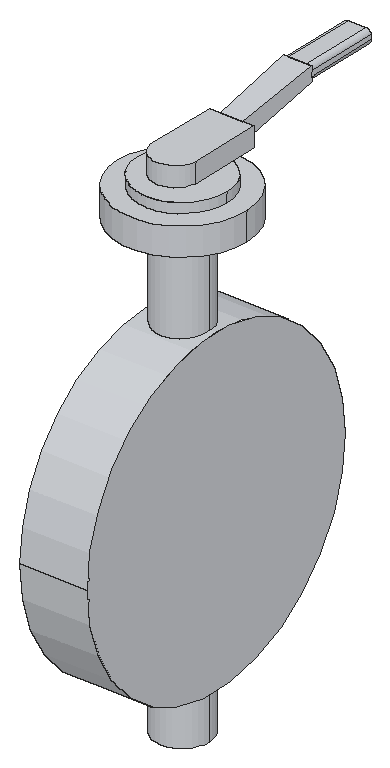
Revit family "HS497-68_disk-nerez_s pákou DN250-RFA_2019", category Pipe Accessories, Revit 2019
Family settings
  Round Connector Dimension = Use Diameter
  Part Type = Valve - Breaks Into
  Work Plane-Based = No
  Always vertical = Yes
  Cut with Voids When Loaded = No
  Shared = No
Parameters (values of type "HS 497-68_DN250_PN16_s pákou")
  magiProductId = ""
  magiProductFamilyId = "53cea81e6f374d17b8841d9c72ad77"
  magiPartTypeId = 305
  isMeasuringValve [instance] = no
  ang2D [instance] = 0.00°
  X11 = 88.77 mm
  X1 = 36.77 mm
  W2D = 1000 mm
  VersionID = "2.0/2017.9.26.1/ZETKAMA_497_001"
  Use Minimum Symbol Size [instance] = yes
  URL = "http://www.hydronic.cz"
  Type Comments = "mezipřírubová; nerezový disk; PN16; -10~+110°C (krátkodobě +120°C)"
  SW30 = no
  SW3 = no
  SW21 = no
  SW20 = yes
  SW2 = yes
  SW1 = no
  R = 125 mm
  QmdConnectorList = "301;D;302;D"
  Productdata [instance] = ""
  NC = 70 mm
  Manufacturer = "Hydronic Systems Prague s.r.o."
  MM20 = 36.77 mm
  MC Product Code = "121 250 (nerezový disk, s ákou; DN250; PN16, kvs4555)"
  M41 = 91.5 mm
  M4 = 61 mm
  LHL = 220 mm
  LHH3 = 2.45 mm
  LHH1 = 46.55 mm
  LH1 = 73.333 mm
  L4R__ve = -L4R  # -22.2 mm
  L4R = 22.2 mm
  L42__ve = -L42  # -166.5 mm
  L42 = 166.5 mm
  L41__ve = -L41  # -33.3 mm
  L41 = 33.3 mm
  L2D_Min = 3048 mm
  L2D = 216 mm
  L2 = 34 mm
  L1 = 54.4 mm
  L = 68 mm
  H = 23 mm
  G22 = 11.25 mm
  G2 = 22.5 mm
  G1 = 90 mm
  G = 130 mm
  F = 22 mm
  E44 = 62.5 mm
  E42 = 125 mm
  E4 = 250 mm
  E23 = 4.9 mm
  E22 = 19.6 mm
  E21 = 9.8 mm
  Description = "Mezipřírubová uzavírací klapka s pákou; nerezový disk, DN250; PN16; kvs4555"
  DR2 = 125 mm
  DR = 324 mm
  DD1 = 31.25 mm
  DD = 25 mm
  D = 250 mm
  CAT0 = yes
  B2__ve = -B2  # -85 mm
  B2 = 85 mm
  A2 = 28.25 mm
  A1 = 129.25 mm
Types (43, lengths in mm): name | magiProductId | X11 | X1 | Type Comments | SW30 | SW3 | SW20 | SW2 | SW1 | R | NC | Manufacturer | MM20 | MC Product Code | M41 | M4 | LHL | LHH3 | LHH1 | LH1 | L4R__ve | L4R | L42__ve | L42 | L41__ve | L41 | L2 | L1 | L | H | G | F | E44 | E42 | E4 | E23 | E22 | E21 | Description | DR2 | DR | DD1 | DD | D | B2__ve | B2 | A2 | A1
  HS 497-68_DN100_PN16_volné vřeteno | "65d1b245f4f142c78569c0602d5754" | 61.456 | 25.456 | "mezipřírubová; nerezový disk; PN16; -10~+110°C (krátkodobě +120°C)" | no | no | no | no | yes | 50 | 50 | "Hydronic Systems Prague s.r.o." | 25.456 | "124 100 (nerezový disk, s volným vřetenem; DN100; PN16, kvs512)" | 66 | 44 | 220 | 2.45 | 46.55 | 73.333 | -12.8 | 12.8 | -96 | 96 | -19.2 | 19.2 | 26 | 41.6 | 52 | 30 | 90 | 11 | 31.25 | 62.5 | 125 | 4.9 | 19.6 | 9.8 | "Mezipřírubová uzavírací klapka s volným vřetenem; nerezový disk, DN100; PN16; kvs512" | 50 | 147 | 15.625 | 12.5 | 100 | -56 | 56 | 16.5 | 98.5
  HS 497-68_DN100_PN16_převodové kolo | "11e91b807e674d428c8e796fcdcfe2" | 61.456 | 25.456 | "mezipřírubová; nerezový disk; PN16; -10~+110°C (krátkodobě +120°C)" | yes | yes | no | no | no | 50 | 50 | "Hydronic Systems Prague s.r.o." | 25.456 | "126 100 (nerezový disk, s převodovým kolem; DN100; PN16, kvs512)" | 65.25 | 43.5 | 220 | 2.45 | 46.55 | 73.333 | -12.8 | 12.8 | -96 | 96 | -19.2 | 19.2 | 26 | 41.6 | 52 | 30 | 90 | 11 | 31.25 | 62.5 | 125 | 4.9 | 19.6 | 9.8 | "Mezipřírubová uzavírací klapka s převodovým kolem; nerezový disk, DN100; PN16; kvs512" | 50 | 147 | 15.625 | 12.5 | 100 | -56 | 56 | 16.5 | 98.5
  HS 497-68_DN100_PN16_s pákou | "28172f0b3f4b47b28323ac71cf8749" | 61.456 | 25.456 | "mezipřírubová; nerezový disk; PN16; -10~+110°C (krátkodobě +120°C)" | no | no | yes | yes | no | 50 | 50 | "Hydronic Systems Prague s.r.o." | 25.456 | "121 100 (nerezový disk, s pákou; DN100; PN16, kvs512)" | 66 | 44 | 260 | 3 | 57 | 86.667 | -12.8 | 12.8 | -96 | 96 | -19.2 | 19.2 | 26 | 41.6 | 52 | 30 | 90 | 11 | 31.25 | 62.5 | 125 | 6 | 24 | 12 | "Mezipřírubová uzavírací klapka s pákou; nerezový disk, DN100; PN16; kvs512" | 50 | 147 | 15.625 | 12.5 | 100 | -56 | 56 | 16.5 | 98.5
  HS 497-68_DN125_PN16_volné vřeteno | "0d813d910fc14f628bb3c2efbd185c" | 61.456 | 25.456 | "mezipřírubová; nerezový disk; PN16; -10~+110°C (krátkodobě +120°C)" | no | no | no | no | yes | 62.5 | 50 | "Hydronic Systems Prague s.r.o." | 25.456 | "124 125 (nerezový disk, s volným vřetenem; DN125; PN16, kvs872)" | 66 | 44 | 220 | 2.45 | 46.55 | 73.333 | -12.8 | 12.8 | -96 | 96 | -19.2 | 19.2 | 28 | 44.8 | 56 | 33 | 90 | 14 | 31.25 | 62.5 | 125 | 4.9 | 19.6 | 9.8 | "Mezipřírubová uzavírací klapka s volným vřetenem; nerezový disk, DN125; PN16; kvs872" | 62.5 | 180 | 15.625 | 12.5 | 125 | -64 | 64 | 18 | 99.5
  HS 497-68_DN125_PN16_převodové kolo | "c56b7c13f372467684996fb1e0e229" | 61.456 | 25.456 | "mezipřírubová; nerezový disk; PN16; -10~+110°C (krátkodobě +120°C)" | yes | yes | no | no | no | 62.5 | 50 | "Hydronic Systems Prague s.r.o." | 25.456 | "126125 (nerezový disk, s převodovým kolem; DN125; PN16, kvs872)" | 65.25 | 43.5 | 220 | 2.45 | 46.55 | 73.333 | -13.5 | 13.5 | -101.25 | 101.25 | -20.25 | 20.25 | 28 | 44.8 | 56 | 33 | 90 | 14 | 40 | 80 | 160 | 4.9 | 19.6 | 9.8 | "Mezipřírubová uzavírací klapka s převodovým kolem; nerezový disk, DN125; PN16; kvs872" | 62.5 | 180 | 20 | 16 | 125 | -64 | 64 | 18 | 99.5
  HS 497-68_DN125_PN16_s pákou | "105993c79a91492399feef7931321a" | 61.456 | 25.456 | "mezipřírubová; nerezový disk; PN16; -10~+110°C (krátkodobě +120°C)" | no | no | yes | yes | no | 62.5 | 50 | "Hydronic Systems Prague s.r.o." | 25.456 | "121 125 (nerezový disk, s pákou; DN125; PN16, kvs872)" | 66 | 44 | 315 | 3.75 | 71.25 | 105 | -12.8 | 12.8 | -96 | 96 | -19.2 | 19.2 | 28 | 44.8 | 56 | 33 | 90 | 14 | 31.25 | 62.5 | 125 | 7.5 | 30 | 15 | "Mezipřírubová uzavírací klapka s pákou; nerezový disk, DN125; PN16; kvs872" | 62.5 | 180 | 15.625 | 12.5 | 125 | -64 | 64 | 18 | 99.5
  HS 497-68_DN150_PN16_volné vřeteno | "50c80cb8ab434f55ab7796e5ac1331" | 61.456 | 25.456 | "mezipřírubová; nerezový disk; PN16; -10~+110°C (krátkodobě +120°C)" | no | no | no | no | yes | 75 | 50 | "Hydronic Systems Prague s.r.o." | 25.456 | "124 150 (nerezový disk, s volným vřetenem; DN150; PN16, kvs1347)" | 66 | 44 | 220 | 2.45 | 46.55 | 73.333 | -12.8 | 12.8 | -96 | 96 | -19.2 | 19.2 | 28 | 44.8 | 56 | 33 | 90 | 14 | 31.25 | 62.5 | 125 | 4.9 | 19.6 | 9.8 | "Mezipřírubová uzavírací klapka s volným vřetenem; nerezový disk, DN150; PN16; kvs1347" | 75 | 206 | 15.625 | 12.5 | 150 | -58 | 58 | 19.3 | 98.7
  HS 497-68_DN150_PN16_převodové kolo | "d94a1a0cf83b476eb10011b327f709" | 61.456 | 25.456 | "mezipřírubová; nerezový disk; PN16; -10~+110°C (krátkodobě +120°C)" | yes | yes | no | no | no | 75 | 50 | "Hydronic Systems Prague s.r.o." | 25.456 | "126 150 (nerezový disk, s převodovým kolem; DN150; PN16, kvs1347)" | 65.25 | 43.5 | 220 | 2.45 | 46.55 | 73.333 | -13.5 | 13.5 | -101.25 | 101.25 | -20.25 | 20.25 | 28 | 44.8 | 56 | 33 | 90 | 14 | 40 | 80 | 160 | 4.9 | 19.6 | 9.8 | "Mezipřírubová uzavírací klapka s převodovým kolem; nerezový disk, DN150; PN16; kvs1347" | 75 | 206 | 20 | 16 | 150 | -58 | 58 | 19.3 | 98.7
  HS 497-68_DN150_PN16_s pákou | "4d2835523fe84828bc50ff0a5a0dfb" | 61.456 | 25.456 | "mezipřírubová; nerezový disk; PN16; -10~+110°C (krátkodobě +120°C)" | no | no | yes | yes | no | 75 | 50 | "Hydronic Systems Prague s.r.o." | 25.456 | "121 150 (nerezový disk, s pákou; DN150; PN16, kvs1347)" | 66 | 44 | 315 | 3.75 | 71.25 | 105 | -12.8 | 12.8 | -96 | 96 | -19.2 | 19.2 | 28 | 44.8 | 56 | 33 | 90 | 14 | 31.25 | 62.5 | 125 | 7.5 | 30 | 15 | "Mezipřírubová uzavírací klapka s pákou; nerezový disk, DN150; PN16; kvs1347" | 75 | 206 | 15.625 | 12.5 | 150 | -58 | 58 | 19.3 | 98.7
  HS 497-68_DN200_PN16_volné vřeteno | "5b29029eaeba47139ee1055a4b9201" | 61.456 | 25.456 | "mezipřírubová; nerezový disk; PN16; -10~+110°C (krátkodobě +120°C)" | no | no | no | no | yes | 100 | 50 | "Hydronic Systems Prague s.r.o." | 25.456 | "124 200 (nerezový disk, s volným vřetenem; DN200; PN16, kvs2675)" | 66 | 44 | 220 | 2.45 | 46.55 | 73.333 | -12.8 | 12.8 | -96 | 96 | -19.2 | 19.2 | 30 | 48 | 60 | 33 | 90 | 17 | 31.25 | 62.5 | 125 | 4.9 | 19.6 | 9.8 | "Mezipřírubová uzavírací klapka s volným vřetenem; nerezový disk, DN200; PN16; kvs2675" | 100 | 257 | 15.625 | 12.5 | 200 | -70 | 70 | 22.5 | 102.5
  HS 497-68_DN200_PN16_převodové kolo | "b2793cc1fcc44cf2a35062cd67c04f" | 61.456 | 25.456 | "mezipřírubová; nerezový disk; PN16; -10~+110°C (krátkodobě +120°C)" | yes | yes | no | no | no | 100 | 57 | "Hydronic Systems Prague s.r.o." | 25.456 | "126 200 (nerezový disk, s převodovým kolem; DN200; PN16, kvs2675)" | 78.75 | 52.5 | 220 | 2.45 | 46.55 | 73.333 | -15.2 | 15.2 | -114 | 114 | -22.8 | 22.8 | 30 | 48 | 60 | 33 | 90 | 17 | 50 | 100 | 200 | 4.9 | 19.6 | 9.8 | "Mezipřírubová uzavírací klapka s převodovým kolem; nerezový disk, DN200; PN16; kvs2675" | 100 | 257 | 25 | 20 | 200 | -70 | 70 | 22.5 | 102.5
  HS 497-68_DN200_PN16_s pákou | "f88d96c7af224537a51e72d7d8fffe" | 61.456 | 25.456 | "mezipřírubová; nerezový disk; PN16; -10~+110°C (krátkodobě +120°C)" | no | no | yes | yes | no | 100 | 50 | "Hydronic Systems Prague s.r.o." | 25.456 | "121 200 (nerezový disk, s pákou; DN200; PN16, kvs2675)" | 66 | 44 | 315 | 3.75 | 71.25 | 105 | -12.8 | 12.8 | -96 | 96 | -19.2 | 19.2 | 30 | 48 | 60 | 33 | 90 | 17 | 31.25 | 62.5 | 125 | 7.5 | 30 | 15 | "Mezipřírubová uzavírací klapka s pákou; nerezový disk, DN200; PN16; kvs2675" | 100 | 257 | 15.625 | 12.5 | 200 | -70 | 70 | 22.5 | 102.5
  HS 497-68_DN250_PN16_volné vřeteno | "b662e8305ca2402b9c510e66e6aa55" | 88.77 | 36.77 | "mezipřírubová; nerezový disk; PN16; -10~+110°C (krátkodobě +120°C)" | no | no | no | no | yes | 125 | 50 | "Hydronic Systems Prague s.r.o." | 36.77 | "124 250 (nerezový disk, s volným vřetenem; DN250; PN16, kvs4555)" | 66 | 44 | 220 | 2.45 | 46.55 | 73.333 | -12.8 | 12.8 | -96 | 96 | -19.2 | 19.2 | 34 | 54.4 | 68 | 23 | 130 | 22 | 31.25 | 62.5 | 125 | 4.9 | 19.6 | 9.8 | "Mezipřírubová uzavírací klapka s volným vřetenem; nerezový disk, DN250; PN16; kvs4555" | 125 | 324 | 15.625 | 12.5 | 250 | -85 | 85 | 28.25 | 129.25
  HS 497-68_DN250_PN16_převodové kolo | "5ee9016806664ddfaa2632711f295c" | 88.77 | 36.77 | "mezipřírubová; nerezový disk; PN16; -10~+110°C (krátkodobě +120°C)" | yes | yes | no | no | no | 125 | 70 | "Hydronic Systems Prague s.r.o." | 36.77 | "126 250 (nerezový disk, s převodovým kolem; DN250; PN16, kvs4555)" | 91.5 | 61 | 220 | 2.45 | 46.55 | 73.333 | -22.2 | 22.2 | -166.5 | 166.5 | -33.3 | 33.3 | 34 | 54.4 | 68 | 23 | 130 | 22 | 62.5 | 125 | 250 | 4.9 | 19.6 | 9.8 | "Mezipřírubová uzavírací klapka s převodovým kolem; nerezový disk, DN250; PN16; kvs4555" | 125 | 324 | 31.25 | 25 | 250 | -85 | 85 | 28.25 | 129.25
  HS 497-68_DN300_PN16_volné vřeteno | "e1886f51ff004380a649519258edf2" | 88.77 | 36.77 | "mezipřírubová; nerezový disk; PN16; -10~+110°C (krátkodobě +120°C)" | no | no | no | no | yes | 150 | 50 | "Hydronic Systems Prague s.r.o." | 36.77 | "124 300 (nerezový disk, s volným vřetenem; DN300; PN16, kvs7037)" | 66 | 44 | 220 | 2.45 | 46.55 | 73.333 | -12.8 | 12.8 | -96 | 96 | -19.2 | 19.2 | 39 | 62.4 | 78 | 23 | 130 | 22 | 31.25 | 62.5 | 125 | 4.9 | 19.6 | 9.8 | "Mezipřírubová uzavírací klapka s volným vřetenem; nerezový disk, DN300; PN16; kvs7037" | 150 | 376 | 15.625 | 12.5 | 300 | -90 | 90 | 30.8 | 127.2
  HS 497-68_DN300_PN16_převodové kolo | "6860f094f77d42088fbebc3c97f755" | 88.77 | 36.77 | "mezipřírubová; nerezový disk; PN16; -10~+110°C (krátkodobě +120°C)" | yes | yes | no | no | no | 150 | 70 | "Hydronic Systems Prague s.r.o." | 36.77 | "126 300 (nerezový disk, s převodovým kolem; DN300; PN16, kvs7037)" | 91.5 | 61 | 220 | 2.45 | 46.55 | 73.333 | -22.2 | 22.2 | -166.5 | 166.5 | -33.3 | 33.3 | 39 | 62.4 | 78 | 23 | 130 | 22 | 62.5 | 125 | 250 | 4.9 | 19.6 | 9.8 | "Mezipřírubová uzavírací klapka s převodovým kolem; nerezový disk, DN300; PN16; kvs7037" | 150 | 376 | 31.25 | 25 | 300 | -90 | 90 | 30.8 | 127.2
  HS 497-68_DN032_PN16_volné vřeteno | "8c5f65de52aa4067a77564107e31b2" | 61.456 | 25.456 | "mezipřírubová; nerezový disk; PN16; -10~+110°C (krátkodobě +120°C)" | no | no | no | no | yes | 16 | 50 | "Hydronic Systems Prague s.r.o." | 25.456 | "124 032 (nerezový disk, s volným vřetenem; DN32; PN16, kvs78)" | 66 | 44 | 220 | 2.45 | 46.55 | 73.333 | -12.8 | 12.8 | -96 | 96 | -19.2 | 19.2 | 16.5 | 26.4 | 33 | 30 | 90 | 11 | 31.25 | 62.5 | 125 | 4.9 | 19.6 | 9.8 | "Mezipřírubová uzavírací klapka s volným vřetenem; nerezový disk, DN32; PN16; kvs78" | 16 | 68 | 15.625 | 12.5 | 32 | -44.2 | 44.2 | 10.25 | 76.25
  HS 497-68_DN032_PN16_převodové kolo | "60aaeffa8b3a4e809ef000e4660060" | 61.456 | 25.456 | "mezipřírubová; nerezový disk; PN16; -10~+110°C (krátkodobě +120°C)" | yes | yes | no | no | no | 16 | 50 | "Hydronic Systems Prague s.r.o." | 25.456 | "126 032 (nerezový disk, s převodovým kolem; DN32; PN16, kvs78)" | 65.25 | 43.5 | 220 | 2.45 | 46.55 | 73.333 | -12.8 | 12.8 | -96 | 96 | -19.2 | 19.2 | 16.5 | 26.4 | 33 | 30 | 90 | 11 | 31.25 | 62.5 | 125 | 4.9 | 19.6 | 9.8 | "Mezipřírubová uzavírací klapka s převodovým kolem; nerezový disk, DN32; PN16; kvs78" | 16 | 68 | 15.625 | 12.5 | 32 | -44.2 | 44.2 | 10.25 | 76.25
  HS 497-68_DN032_PN16_s pákou | "9ad8088d610749a1b871aa2aad8007" | 61.456 | 25.456 | "mezipřírubová; nerezový disk; PN16; -10~+110°C (krátkodobě +120°C)" | no | no | yes | yes | no | 16 | 50 | "Hydronic Systems Prague s.r.o." | 25.456 | "121 032 (nerezový disk, s pákou; DN32; PN16, kvs78)" | 66 | 44 | 220 | 2.45 | 46.55 | 73.333 | -12.8 | 12.8 | -96 | 96 | -19.2 | 19.2 | 16.5 | 26.4 | 33 | 30 | 90 | 11 | 31.25 | 62.5 | 125 | 4.9 | 19.6 | 9.8 | "Mezipřírubová uzavírací klapka s pákou; nerezový disk, DN32; PN16; kvs78" | 16 | 68 | 15.625 | 12.5 | 32 | -44.2 | 44.2 | 10.25 | 76.25
  HS 497-68_DN350_PN10_volné vřeteno | "72a1e05f22944421b7e9596a877137" | 109.255 | 45.255 | "mezipřírubová; nerezový disk; PN10; -10~+110°C (krátkodobě +120°C)" | no | no | no | no | yes | 175 | 50 | "Hydronic Systems Prague s.r.o." | 45.255 | "124 350 (nerezový disk, s volným vřetenem; DN350; PN10, kvs10165)" | 66 | 44 | 220 | 2.45 | 46.55 | 73.333 | -12.8 | 12.8 | -96 | 96 | -19.2 | 19.2 | 39 | 62.4 | 78 | 31 | 160 | 22 | 31.25 | 62.5 | 125 | 4.9 | 19.6 | 9.8 | "Mezipřírubová uzavírací klapka s volným vřetenem; nerezový disk, DN350; PN10; kvs10165" | 175 | 430 | 15.625 | 12.5 | 350 | -88 | 88 | 33.85 | 129.65
  HS 497-68_DN350_PN10_převodové kolo | "a5a01426cb28494ba3afca92f1dace" | 109.255 | 45.255 | "mezipřírubová; nerezový disk; PN10; -10~+110°C (krátkodobě +120°C)" | yes | yes | no | no | no | 175 | 70 | "Hydronic Systems Prague s.r.o." | 45.255 | "126 350 (nerezový disk, s převodovým kolem; DN350; PN10, kvs10165)" | 91.5 | 61 | 220 | 2.45 | 46.55 | 73.333 | -22.2 | 22.2 | -166.5 | 166.5 | -33.3 | 33.3 | 39 | 62.4 | 78 | 31 | 160 | 22 | 62.5 | 125 | 250 | 4.9 | 19.6 | 9.8 | "Mezipřírubová uzavírací klapka s převodovým kolem; nerezový disk, DN350; PN10; kvs10165" | 175 | 430 | 31.25 | 25 | 350 | -88 | 88 | 33.85 | 129.65
  HS 497-68_DN400_PN10_volné vřeteno | "c70ebeb927c04ab99b176e257ad0a7" | 109.255 | 45.255 | "mezipřírubová; nerezový disk; PN10; -10~+110°C (krátkodobě +120°C)" | no | no | no | no | yes | 200 | 50 | "Hydronic Systems Prague s.r.o." | 45.255 | "124 400 (nerezový disk, s volným vřetenem; DN400; PN10, kvs13799)" | 66 | 44 | 220 | 2.45 | 46.55 | 73.333 | -12.8 | 12.8 | -96 | 96 | -19.2 | 19.2 | 51 | 81.6 | 102 | 31 | 160 | 27 | 31.25 | 62.5 | 125 | 4.9 | 19.6 | 9.8 | "Mezipřírubová uzavírací klapka s volným vřetenem; nerezový disk, DN400; PN10; kvs13799" | 200 | 485 | 15.625 | 12.5 | 400 | -108 | 108 | 38 | 142
  HS 497-68_DN400_PN10_převodové kolo | "cc64a4384dcb41b780d81810f4f293" | 109.255 | 45.255 | "mezipřírubová; nerezový disk; PN10; -10~+110°C (krátkodobě +120°C)" | yes | yes | no | no | no | 200 | 72.5 | "Hydronic Systems Prague s.r.o." | 45.255 | "126 400 (nerezový disk, s převodovým kolem; DN400; PN10, kvs13799)" | 103.5 | 69 | 220 | 2.45 | 46.55 | 73.333 | -27.8 | 27.8 | -208.5 | 208.5 | -41.7 | 41.7 | 51 | 81.6 | 102 | 31 | 160 | 27 | 75 | 150 | 300 | 4.9 | 19.6 | 9.8 | "Mezipřírubová uzavírací klapka s převodovým kolem; nerezový disk, DN400; PN10; kvs13799" | 200 | 485 | 37.5 | 30 | 400 | -108 | 108 | 38 | 142
  HS 497-68_DN040_PN16_volné vřeteno | "35f92312390745e88df5b5c325d9ee" | 61.456 | 25.456 | "mezipřírubová; nerezový disk; PN16; -10~+110°C (krátkodobě +120°C)" | no | no | no | no | yes | 20 | 50 | "Hydronic Systems Prague s.r.o." | 25.456 | "124 040 (nerezový disk, s volným vřetenem; DN40; PN16, kvs78)" | 66 | 44 | 220 | 2.45 | 46.55 | 73.333 | -12.8 | 12.8 | -96 | 96 | -19.2 | 19.2 | 16.5 | 26.4 | 33 | 30 | 90 | 11 | 31.25 | 62.5 | 125 | 4.9 | 19.6 | 9.8 | "Mezipřírubová uzavírací klapka s volným vřetenem; nerezový disk, DN40; PN16; kvs78" | 20 | 76 | 15.625 | 12.5 | 40 | -36 | 36 | 11 | 79
  HS 497-68_DN040_PN16_převodové kolo | "d88e968eae3445bc9b7b4e6ff35127" | 61.456 | 25.456 | "mezipřírubová; nerezový disk; PN16; -10~+110°C (krátkodobě +120°C)" | yes | yes | no | no | no | 20 | 50 | "Hydronic Systems Prague s.r.o." | 25.456 | "126 040 (nerezový disk, s převodovým kolem; DN40; PN16, kvs78)" | 65.25 | 43.5 | 220 | 2.45 | 46.55 | 73.333 | -12.8 | 12.8 | -96 | 96 | -19.2 | 19.2 | 16.5 | 26.4 | 33 | 30 | 90 | 11 | 31.25 | 62.5 | 125 | 4.9 | 19.6 | 9.8 | "Mezipřírubová uzavírací klapka s převodovým kolem; nerezový disk, DN40; PN16; kvs78" | 20 | 76 | 15.625 | 12.5 | 40 | -36 | 36 | 11 | 79
  HS 497-68_DN040_PN16_s pákou | "c1b522ca65b4407a98818f232eaacb" | 61.456 | 25.456 | "mezipřírubová; nerezový disk; PN16; -10~+110°C (krátkodobě +120°C)" | no | no | yes | yes | no | 20 | 50 | "Hydronic Systems Prague s.r.o." | 25.456 | "121 040 (nerezový disk, s pákou; DN40; PN16, kvs78)" | 66 | 44 | 220 | 2.45 | 46.55 | 73.333 | -12.8 | 12.8 | -96 | 96 | -19.2 | 19.2 | 16.5 | 26.4 | 33 | 30 | 90 | 11 | 31.25 | 62.5 | 125 | 4.9 | 19.6 | 9.8 | "Mezipřírubová uzavírací klapka s pákou; nerezový disk, DN40; PN16; kvs78" | 20 | 76 | 15.625 | 12.5 | 40 | -36 | 36 | 11 | 79
  HS 497-68_DN450_PN10_volné vřeteno | "a8358bc282f14872b3194e530e590a" | 129.74 | 53.74 | "mezipřírubová; nerezový disk; PN10; -10~+110°C (krátkodobě +120°C)" | no | no | no | no | yes | 225 | 50 | "Hydronic Systems Prague s.r.o." | 53.74 | "124 450 (nerezový disk, s volným vřetenem; DN450; PN10, kvs18514)" | 66 | 44 | 220 | 2.45 | 46.55 | 73.333 | -12.8 | 12.8 | -96 | 96 | -19.2 | 19.2 | 57 | 91.2 | 114 | 38 | 190 | 36 | 31.25 | 62.5 | 125 | 4.9 | 19.6 | 9.8 | "Mezipřírubová uzavírací klapka s volným vřetenem; nerezový, DN450; PN10; kvs18514" | 225 | 536 | 15.625 | 12.5 | 450 | -115 | 115 | 38.05 | 117.45
  HS 497-68_DN450_PN10_převodové kolo | "cdf2d80f54a9414f9cbe50647c0ebd" | 129.74 | 53.74 | "mezipřírubová; nerezový disk; PN10; -10~+110°C (krátkodobě +120°C)" | yes | yes | no | no | no | 225 | 91.5 | "Zetkama" | 53.74 | "126 450 (nerezový disk, s převodovým kolem; DN450; PN10, kvs18514)" | 144.75 | 96.5 | 220 | 2.45 | 46.55 | 73.333 | -32.1 | 32.1 | -240.75 | 240.75 | -48.15 | 48.15 | 57 | 91.2 | 114 | 38 | 190 | 36 | 100 | 200 | 400 | 4.9 | 19.6 | 9.8 | "Mezipřírubová uzavírací klapka s převodovým kolem; nerezový disk, DN450; PN10; kvs18514" | 225 | 536 | 50 | 40 | 450 | -115 | 115 | 38.05 | 117.45
  HS 497-68_DN500_PN10_volné vřeteno | "8c396e27bb2743f98f3c762b6517cd" | 143.397 | 59.397 | "mezipřírubová; nerezový disk; PN10; -10~+110°C (krátkodobě +120°C)" | no | no | no | no | yes | 250 | 50 | "Hydronic Systems Prague s.r.o." | 59.397 | "124 500 (nerezový disk, s volným vřetenem; DN500; PN10, kvs23805)" | 66 | 44 | 220 | 2.45 | 46.55 | 73.333 | -12.8 | 12.8 | -96 | 96 | -19.2 | 19.2 | 63.5 | 101.6 | 127 | 38 | 210 | 36 | 31.25 | 62.5 | 125 | 4.9 | 19.6 | 9.8 | "Mezipřírubová uzavírací klapka s volným vřetenem; nerezový disk, DN500; PN10; kvs23805" | 250 | 593 | 15.625 | 12.5 | 500 | -130 | 130 | 43.25 | 139.25
  HS 497-68_DN500_PN10_převodové kolo | "7647804f32e94cef828a7034a91a46" | 143.397 | 59.397 | "mezipřírubová; nerezový disk; PN10; -10~+110°C (krátkodobě +120°C)" | yes | yes | no | no | no | 250 | 91.5 | "Zetkama" | 59.397 | "126 500 (nerezový disk, s převodovým kolem; DN500; PN10, kvs23805)" | 144.75 | 96.5 | 220 | 2.45 | 46.55 | 73.333 | -32.1 | 32.1 | -240.75 | 240.75 | -48.15 | 48.15 | 63.5 | 101.6 | 127 | 38 | 210 | 36 | 100 | 200 | 400 | 4.9 | 19.6 | 9.8 | "Mezipřírubová uzavírací klapka s převodovým kolem; nerezový disk, DN500; PN10; kvs23805" | 250 | 593 | 50 | 40 | 500 | -130 | 130 | 43.25 | 139.25
  HS 497-68_DN050_volné vřeteno | "d71f296ecd6d4adf8f6e5d9853b4e0" | 61.456 | 25.456 | "mezipřírubová; nerezový disk; PN16; -10~+110°C (krátkodobě +120°C)" | no | no | no | no | yes | 25 | 50 | "Hydronic Systems Prague s.r.o." | 25.456 | "124 050 (nerezový disk, s volným vřetenem; DN50; PN16, kvs98)" | 66 | 44 | 220 | 2.45 | 46.55 | 73.333 | -12.8 | 12.8 | -96 | 96 | -19.2 | 19.2 | 21.5 | 34.4 | 43 | 30 | 90 | 11 | 31.25 | 62.5 | 125 | 4.9 | 19.6 | 9.8 | "Mezipřírubová uzavírací klapka s volným vřetenem; nerezový disk, DN50; PN16; kvs98" | 25 | 100 | 15.625 | 12.5 | 50 | -36.5 | 36.5 | 12 | 83
  HS 497-68_DN050_PN16_převodové kolo | "2fb080deeaed49c58418b94c1da5a4" | 61.456 | 25.456 | "mezipřírubová; nerezový disk; PN16; -10~+110°C (krátkodobě +120°C)" | yes | yes | no | no | no | 25 | 50 | "Hydronic Systems Prague s.r.o." | 25.456 | "126 050 (nerezový disk, s převodovým kolem; DN50; PN16, kvs98)" | 65.25 | 43.5 | 220 | 2.45 | 46.55 | 73.333 | -12.8 | 12.8 | -96 | 96 | -19.2 | 19.2 | 21.5 | 34.4 | 43 | 30 | 90 | 11 | 31.25 | 62.5 | 125 | 4.9 | 19.6 | 9.8 | "Mezipřírubová uzavírací klapka s převodovým kolem; nerezový disk, DN50; PN16; kvs98" | 25 | 100 | 15.625 | 12.5 | 50 | -36.5 | 36.5 | 12 | 83
  HS 497-68_DN050_PN16_s pákou | "dabc632061f94877a994b9b4e68112" | 61.456 | 25.456 | "mezipřírubová; nerezový disk; PN16; -10~+110°C (krátkodobě +120°C)" | no | no | yes | yes | no | 25 | 50 | "Hydronic Systems Prague s.r.o." | 25.456 | "121 050 (nerezový disk, s pákou; DN50; PN16, kvs98)" | 66 | 44 | 220 | 2.45 | 46.55 | 73.333 | -12.8 | 12.8 | -96 | 96 | -19.2 | 19.2 | 21.5 | 34.4 | 43 | 30 | 90 | 11 | 31.25 | 62.5 | 125 | 4.9 | 19.6 | 9.8 | "Mezipřírubová uzavírací klapka s pákou; nerezový disk, DN50; PN16; kvs98" | 25 | 100 | 15.625 | 12.5 | 50 | -36.5 | 36.5 | 12 | 83
  HS 497-68_DN600_PN10_volné vřeteno | "99d5892c14664fce81a7c5903f7711" | 143.397 | 59.397 | "mezipřírubová; nerezový disk; PN10; -10~+110°C (krátkodobě +120°C)" | no | no | no | no | yes | 300 | 50 | "Hydronic Systems Prague s.r.o." | 59.397 | "124 600 (nerezový disk, s volným vřetenem; DN600; PN10, kvs36778)" | 66 | 44 | 220 | 2.45 | 46.55 | 73.333 | -12.8 | 12.8 | -96 | 96 | -19.2 | 19.2 | 77 | 123.2 | 154 | 80 | 210 | 60 | 31.25 | 62.5 | 125 | 4.9 | 19.6 | 9.8 | "Mezipřírubová uzavírací klapka s volným vřetenem; nerezový disk, DN600; PN10; kvs36788" | 300 | 690 | 15.625 | 12.5 | 600 | -140 | 140 | 49.4 | 144.6
  HS 497-68_DN600_PN10_převodové kolo | "b1e26faab48a4c499f6bb11e7e3002" | 143.397 | 59.397 | "mezipřírubová; lnerezový disk; PN10; -10~+110°C (krátkodobě +120°C)" | yes | yes | no | no | no | 300 | 140 | "Hydronic Systems Prague s.r.o." | 59.397 | "126 600 (nerezový disk, s převodovým kolem; DN600; PN10, kvs36778)" | 206.25 | 137.5 | 220 | 2.45 | 46.55 | 73.333 | -40.8 | 40.8 | -306 | 306 | -61.2 | 61.2 | 77 | 123.2 | 154 | 80 | 210 | 60 | 125 | 250 | 500 | 4.9 | 19.6 | 9.8 | "Mezipřírubová uzavírací klapka s převodovým kolem; nerezový disk, DN600; PN10; kvs36788" | 300 | 690 | 62.5 | 50 | 600 | -140 | 140 | 49.4 | 144.6
  HS 497-68_DN065_PN16_volné vřeteno | "5e5e208646e34ec29f889baab5d08e" | 61.456 | 25.456 | "mezipřírubová; lnerezový disk; PN16; -10~+110°C (krátkodobě +120°C)" | no | no | no | no | yes | 32.5 | 50 | "Hydronic Systems Prague s.r.o." | 25.456 | "124 065 (nerezový disk, s volným vřetenem; DN65; PN16, kvs167)" | 66 | 44 | 220 | 2.45 | 46.55 | 73.333 | -12.8 | 12.8 | -96 | 96 | -19.2 | 19.2 | 23 | 36.8 | 46 | 30 | 90 | 11 | 31.25 | 62.5 | 125 | 4.9 | 19.6 | 9.8 | "Mezipřírubová uzavírací klapka s volným vřetenem; nerezový disk, DN65; PN16; kv167" | 32.5 | 108 | 15.625 | 12.5 | 65 | -36.5 | 36.5 | 13.5 | 89
  HS 497-68_DN065_PN16_převodové kolo | "654d74c8d15540b0bfe523d988ccb3" | 61.456 | 25.456 | "mezipřírubová; nerezový disk; PN16; -10~+110°C (krátkodobě +120°C)" | yes | yes | no | no | no | 32.5 | 50 | "Hydronic Systems Prague s.r.o." | 25.456 | "126 065 (nerezový disk, s převodovým kolem; DN65; PN16, kvs167)" | 65.25 | 43.5 | 220 | 2.45 | 46.55 | 73.333 | -12.8 | 12.8 | -96 | 96 | -19.2 | 19.2 | 23 | 36.8 | 46 | 30 | 90 | 11 | 31.25 | 62.5 | 125 | 4.9 | 19.6 | 9.8 | "Mezipřírubová uzavírací klapka s převodovým kolem; nerezový disk, DN65; PN16; kvs167" | 32.5 | 108 | 15.625 | 12.5 | 65 | -36.5 | 36.5 | 13.5 | 89
  HS 497-68_DN065_PN16_s pákou | "ebeb4b59db0641caaf6d6635ab37b9" | 61.456 | 25.456 | "mezipřírubová; nerezový disk; PN16; -10~+110°C (krátkodobě +120°C)" | no | no | yes | yes | no | 32.5 | 50 | "Hydronic Systems Prague s.r.o." | 25.456 | "121 065 (nerezový disk, s pákou; DN65; PN16, kvs167)" | 66 | 44 | 220 | 2.45 | 46.55 | 73.333 | -12.8 | 12.8 | -96 | 96 | -19.2 | 19.2 | 23 | 36.8 | 46 | 30 | 90 | 11 | 31.25 | 62.5 | 125 | 4.9 | 19.6 | 9.8 | "Mezipřírubová uzavírací klapka s pákou; nerezový disk, DN65; PN16; kvs167" | 32.5 | 108 | 15.625 | 12.5 | 65 | -36.5 | 36.5 | 13.5 | 89
  HS 497-68_DN080_PN16_volné vřeteno | "9e85c75c18654e1185a9c48ed6b00e" | 61.456 | 25.456 | "mezipřírubová; nerezový disk; PN16; -10~+110°C (krátkodobě +120°C)" | no | no | no | no | yes | 40 | 50 | "Hydronic Systems Prague s.r.o." | 25.456 | "124 080 (nerezový disk, s volným vřetenem; DN80; PN16, kvs258)" | 66 | 44 | 220 | 2.45 | 46.55 | 73.333 | -12.8 | 12.8 | -96 | 96 | -19.2 | 19.2 | 23 | 36.8 | 46 | 30 | 90 | 11 | 31.25 | 62.5 | 125 | 4.9 | 19.6 | 9.8 | "Mezipřírubová uzavírací klapka s volným vřetenem; nerezový disk, DN80; PN16; kvs258" | 40 | 124 | 15.625 | 12.5 | 80 | -54 | 54 | 14.1 | 86.9
  HS 497-68_DN080_PN16_převodové kolo | "5b3c8238c3d041e68c75b199e7ea46" | 61.456 | 25.456 | "mezipřírubová; nerezový disk; PN16; -10~+110°C (krátkodobě +120°C)" | yes | yes | no | no | no | 40 | 50 | "Hydronic Systems Prague s.r.o." | 25.456 | "126 080 (nerezový disk, s převodovým kolem; DN80; PN16, kvs258)" | 65.25 | 43.5 | 220 | 2.45 | 46.55 | 73.333 | -12.8 | 12.8 | -96 | 96 | -19.2 | 19.2 | 23 | 36.8 | 46 | 30 | 90 | 11 | 31.25 | 62.5 | 125 | 4.9 | 19.6 | 9.8 | "Mezipřírubová uzavírací klapka s převodovým kolem; nerezový disk, DN80; PN16; kvs258" | 40 | 124 | 15.625 | 12.5 | 80 | -54 | 54 | 14.1 | 86.9
  HS 497-68_DN080_PN16_s pákou | "e414795fab0f4eccb99bc3572c5477" | 61.456 | 25.456 | "mezipřírubová; nerezový disk; PN16; -10~+110°C (krátkodobě +120°C)" | no | no | yes | yes | no | 40 | 50 | "Hydronic Systems Prague s.r.o." | 25.456 | "121 080 (nerezový disk, s pákou; DN80; PN16, kvs258)" | 66 | 44 | 260 | 3 | 57 | 86.667 | -12.8 | 12.8 | -96 | 96 | -19.2 | 19.2 | 23 | 36.8 | 46 | 30 | 90 | 11 | 31.25 | 62.5 | 125 | 6 | 24 | 12 | "Mezipřírubová uzavírací klapka s pákou; nerezový disk, DN80; PN16; kvs258" | 40 | 124 | 15.625 | 12.5 | 80 | -54 | 54 | 14.1 | 86.9
  HS 497-68_DN250_PN16_s pákou | "" | 88.77 | 36.77 | "mezipřírubová; nerezový disk; PN16; -10~+110°C (krátkodobě +120°C)" | no | no | yes | yes | no | 125 | 70 | "Hydronic Systems Prague s.r.o." | 36.77 | "121 250 (nerezový disk, s ákou; DN250; PN16, kvs4555)" | 91.5 | 61 | 220 | 2.45 | 46.55 | 73.333 | -22.2 | 22.2 | -166.5 | 166.5 | -33.3 | 33.3 | 34 | 54.4 | 68 | 23 | 130 | 22 | 62.5 | 125 | 250 | 4.9 | 19.6 | 9.8 | "Mezipřírubová uzavírací klapka s pákou; nerezový disk, DN250; PN16; kvs4555" | 125 | 324 | 31.25 | 25 | 250 | -85 | 85 | 28.25 | 129.25
  HS 497-68_DN300_PN16_s pákou | "" | 88.77 | 36.77 | "mezipřírubová; nerezový disk; PN16; -10~+110°C (krátkodobě +120°C)" | no | no | yes | yes | no | 150 | 70 | "Hydronic Systems Prague s.r.o." | 36.77 | "121 300 (nerezový disk, s pákou; DN300; PN16, kvs7037)" | 91.5 | 61 | 220 | 2.45 | 46.55 | 73.333 | -22.2 | 22.2 | -166.5 | 166.5 | -33.3 | 33.3 | 39 | 62.4 | 78 | 23 | 130 | 22 | 62.5 | 125 | 250 | 4.9 | 19.6 | 9.8 | "Mezipřírubová uzavírací klapka s pákou; nerezový disk, DN300; PN16; kvs7037" | 150 | 376 | 31.25 | 25 | 300 | -90 | 90 | 30.8 | 127.2
Reference planes
  plane 1 "Center (Front/Back)": y = 0
  plane 2 "XYPLANE": z = 0
  plane 3 "Center (Left/Right)": x = 0
  plane 4 "473": x = -36.77
  plane 5 "472": x = -91.5
  plane 6 "471": y = -36.77
  plane 7 "470": y = 36.77
  plane 8 "469": x = -61
  plane 9 "468": y = -199.8
  plane 10 "467": y = -166.5
  plane 11 "466": z = 345
  plane 12 "465": z = 329.05
  plane 13 "464": y = 145.417
  plane 14 "463": z = 319.25
  plane 15 "462": z = 302.1
  plane 16 "461": z = 311.9
  plane 17 "460": y = 72.083
  plane 18 "459": x = -11.25
  plane 19 "458": x = 11.25
  plane 20 "457": y = -6.25
  plane 21 "456": x = -17.5
  plane 22 "455": x = 17.5
  plane 23 "454": z = 316.8
  plane 24 "453": y = 62.083
  plane 25 "452": y = -11.25
  plane 26 "451": x = -22.5
  plane 27 "450": x = 22.5
  plane 28 "449": z = 297.2
  plane 29 "448": z = 292.3
  plane 30 "447": z = -125
  plane 31 "446": z = 282.5
  plane 32 "445": z = 254.25
  plane 33 "444": z = 125
  plane 34 "443": x = 34
  plane 35 "442": x = -34
  plane 36 "441": z = 0
  plane 37 "440": y = 0
  plane 38 "439": x = 0
  plane 39 "438": z = 331.5
  plane 40 "437": z = 316.8
  plane 41 "436": x = 13.7
  plane 42 "435": x = -13.7
  plane 43 "434": y = 220
Forms (mm)
  Extrusion 1, solid, visible <- "SW3"
    sketch origin (-750, 0, 282.5) x (1, 0, 0) y (0, 1, 0)
      loop
        line (658.5, 36.77) -> (658.5, -36.77) -> (713.23, -36.77)
        arc (713.23, -36.77) -> (802, 0) -> (713.23, 36.77) r 52
        line (713.23, 36.77) -> (658.5, 36.77)
    from 0 to 125 <- "E42"
  Extrusion 2, solid, visible <- "SW30"
    sketch origin (0, -750, 0) x (0, 1, 0) y (0, 0, 1)
      loop
        circle (750, 345) r 15.625
    from 0 to 70 <- "NC"
  Extrusion 3, solid, visible <- "SW30"
    sketch origin (750, -199.8, 0) x (-1, 0, 0) y (0, 0, 1)
      loop
        circle (811, 345) r 125
    from 0 to -22.2 <- "L4R__ve"
  Extrusion 4, solid, visible <- "SW3"
    sketch origin (750, -166.5, 0) x (-1, 0, 0) y (0, 0, 1)
      loop
        circle (811, 345) r 15.625
    from 0 to -33.3 <- "L41__ve"
  Extrusion 5, solid, visible <- "SW30"
    sketch origin (750, 0, 0) x (-1, 0, 0) y (0, 0, 1)
      loop
        circle (811, 345) r 12.5
    from 0 to -166.5 <- "L42__ve"
  Blend 6, solid, visible <- "SW21"
    base sketch origin (750, 72.083, 0) x (-1, 0, 0) y (0, 0, 1)
      loop
        line (761.25, 311.9) -> (738.75, 311.9) -> (738.75, 302.1) -> (761.25, 302.1) -> (761.25, 311.9)
    top sketch origin (750, 72.083, 0) x (-1, 0, 0) y (0, 0, 1)
      loop
        line (761.25, 329.05) -> (738.75, 329.05) -> (738.75, 319.25) -> (761.25, 319.25) -> (761.25, 329.05)
    from 0 to 73.333
  Blend 7, solid, visible <- "SW21"
    base sketch origin (750, 62.083, 0) x (-1, 0, 0) y (0, 0, 1)
      loop
        line (761.25, 316.8) -> (738.75, 316.8) -> (738.75, 297.2) -> (761.25, 297.2) -> (761.25, 316.8)
    top sketch origin (750, 62.083, 0) x (-1, 0, 0) y (0, 0, 1)
      loop
        line (761.25, 311.9) -> (738.75, 311.9) -> (738.75, 302.1) -> (761.25, 302.1) -> (761.25, 311.9)
    from 0 to 10
  Blend 8, solid, visible <- "SW21"
    base sketch origin (-750, 0, 297.2) x (1, 0, 0) y (0, 1, 0)
      loop
        line (772.5, 62.083) -> (727.5, 62.083) -> (727.5, -11.25)
        arc (727.5, -11.25) -> (750, -31.25) -> (772.5, -11.25) r 22.656
        line (772.5, -11.25) -> (772.5, 62.083)
    top sketch origin (-750, 0, 297.2) x (1, 0, 0) y (0, 1, 0)
      loop
        line (767.5, 62.083) -> (732.5, 62.083) -> (732.5, -6.25)
        arc (732.5, -6.25) -> (750, -26.25) -> (767.5, -6.25) r 17.656
        line (767.5, -6.25) -> (767.5, 62.083)
    from 0 to 19.6
  Extrusion 9, solid, visible <- "SW2"
    sketch origin (-750, 0, 292.3) x (1, 0, 0) y (0, 1, 0)
      loop
        circle (750, 0) r 11.25
    from 0 to 4.9 <- "E23"
  Extrusion 10, solid, visible <- "SW2"
    sketch origin (-750, 0, 282.5) x (1, 0, 0) y (0, 1, 0)
      loop
        circle (750, 0) r 45
    from 0 to 9.8 <- "E21"
  Extrusion 11, solid, visible <- "CAT0"
    sketch origin (-750, 0, -125) x (1, 0, 0) y (0, 1, 0)
      loop
        circle (750, 0) r 27.2
    from 0 to -85 <- "B2__ve"
  Extrusion 12, solid, visible <- "CAT0"
    sketch origin (-750, 0, 254.25) x (1, 0, 0) y (0, 1, 0)
      loop
        circle (750, 0) r 65
    from 0 to 28.25 <- "A2"
  Extrusion 13, solid, visible <- "CAT0"
    sketch origin (-750, 0, 125) x (1, 0, 0) y (0, 1, 0)
      loop
        circle (750, 0) r 27.2
    from 0 to 129.25 <- "A1"
  Extrusion 14, solid, visible <- "CAT0"
    sketch origin (-34, -750, 0) x (0, 1, 0) y (0, 0, 1)
      loop
        circle (750, 0) r 162
    from 0 to 68 <- "L"
  Extrusion 15, solid, visible <- "SW1"
    sketch origin (-750, 0, 282.5) x (1, 0, 0) y (0, 1, 0)
      loop
        line (761, 11) -> (739, 11) -> (739, -11) -> (761, -11) -> (761, 11)
    from 0 to 23 <- "H"
  Blend 16, solid, visible <- "SW2"
    base sketch origin (750, 145.417, 0) x (-1, 0, 0) y (0, 0, 1)
      loop
        arc (763.7, 326.5) -> (762.236, 330.036) -> (758.7, 331.5) r 5
        line (758.7, 331.5) -> (741.3, 331.5)
        arc (741.3, 331.5) -> (737.764, 330.036) -> (736.3, 326.5) r 5
        line (736.3, 326.5) -> (736.3, 321.8)
        arc (736.3, 321.8) -> (737.764, 318.264) -> (741.3, 316.8) r 5
        line (741.3, 316.8) -> (758.7, 316.8)
        arc (758.7, 316.8) -> (762.236, 318.264) -> (763.7, 321.8) r 5
        line (763.7, 321.8) -> (763.7, 326.5)
    top sketch origin (750, 145.417, 0) x (-1, 0, 0) y (0, 0, 1)
      loop
        arc (763.7, 326.5) -> (762.236, 330.036) -> (758.7, 331.5) r 5
        line (758.7, 331.5) -> (741.3, 331.5)
        arc (741.3, 331.5) -> (737.764, 330.036) -> (736.3, 326.5) r 5
        line (736.3, 326.5) -> (736.3, 321.8)
        arc (736.3, 321.8) -> (737.764, 318.264) -> (741.3, 316.8) r 5
        line (741.3, 316.8) -> (758.7, 316.8)
        arc (758.7, 316.8) -> (762.236, 318.264) -> (763.7, 321.8) r 5
        line (763.7, 321.8) -> (763.7, 326.5)
    from 0 to 74.583
  Blend 17, solid, visible <- "SW20"
    base sketch origin (750, 145.417, 0) x (-1, 0, 0) y (0, 0, 1)
      loop
        line (763.7, 331.5) -> (736.3, 331.5) -> (736.3, 316.8) -> (763.7, 316.8) -> (763.7, 331.5)
    top sketch origin (750, 145.417, 0) x (-1, 0, 0) y (0, 0, 1)
      loop
        line (761.25, 316.8) -> (738.75, 316.8) -> (738.75, 297.2) -> (761.25, 297.2) -> (761.25, 316.8)
    from 0 to -83.333
  Extrusion 18, solid, visible <- "SW20"
    sketch origin (-750, 0, 297.2) x (1, 0, 0) y (0, 1, 0)
      loop
        line (772.5, 62.083) -> (727.5, 62.083) -> (727.5, -11.25)
        arc (727.5, -11.25) -> (750, -31.25) -> (772.5, -11.25) r 22.656
        line (772.5, -11.25) -> (772.5, 62.083)
    from 0 to 19.6 <- "E22"
  Extrusion 19, solid, not visible
    sketch origin (-34, -750, 0) x (0, 1, 0) y (0, 0, 1)
      loop
        circle (750, 0) r 10
    from 0 to 10
  Extrusion 20, solid, not visible
    sketch origin (34, -750, 0) x (0, 1, 0) y (0, 0, 1)
      loop
        circle (750, 0) r 10
    from 0 to -10
Lines and regions (mm)
  reference lines, not visible
    curve 1: circle (2, 2, 0) r 1 normal (0, 0, 1)
  reference lines
    curve 2: line (-36.77, -36.77, 282.5) -> (-36.77, 36.77, 282.5)
    curve 3: line (-17.5, -6.25, 297.2) -> (17.5, -6.25, 297.2)
    curve 4: line (-22.5, -11.25, 297.2) -> (22.5, -11.25, 297.2)
    curve 5: circle (0, 0, 282.5) r 1 normal (0, 0, 1)
    curve 6: line (-22.5, -11.25, 297.2) -> (22.5, -11.25, 297.2)
Dimensions and locks
  plane 1 "Center (Front/Back)" to curve 1 = 2 mm
  "X1": plane 3 "Center (Left/Right)" to plane 4 "473"
  "M41": plane 3 "Center (Left/Right)" to plane 5 "472"
  "MM20": plane 1 "Center (Front/Back)" to plane 6 "471"
  "MM20": plane 1 "Center (Front/Back)" to plane 7 "470"
  "M4": plane 3 "Center (Left/Right)" to plane 8 "469"
  "L41": plane 10 "467" to plane 9 "468"
  "L42": plane 1 "Center (Front/Back)" to plane 10 "467"
  "E44": plane 31 "446" to plane 11 "466"
  "LHH1": plane 31 "446" to plane 12 "465"
  "LH1": plane 17 "460" to plane 13 "464"
  "E21": plane 12 "465" to plane 14 "463"
  "E21": plane 16 "461" to plane 15 "462"
  "E23": plane 23 "454" to plane 16 "461"
  locked: plane 24 "453" to plane 17 "460" at 10
  "G22": plane 3 "Center (Left/Right)" to plane 18 "459"
  "G22": plane 3 "Center (Left/Right)" to plane 19 "458"
  locked: plane 25 "452" to plane 20 "457" at 5
  locked: plane 26 "451" to plane 21 "456" at 5
  locked: plane 27 "450" to plane 22 "455" at 5
  "E22": plane 28 "449" to plane 23 "454"
  "LH1": plane 25 "452" to plane 24 "453"
  "G22": plane 1 "Center (Front/Back)" to plane 25 "452"
  "G2": plane 3 "Center (Left/Right)" to plane 26 "451"
  "G2": plane 3 "Center (Left/Right)" to plane 27 "450"
  "E23": plane 29 "448" to plane 28 "449"
  "E21": plane 31 "446" to plane 29 "448"
  "R": plane 2 "XYPLANE" to plane 30 "447"
  "A2": plane 32 "445" to plane 31 "446"
  "A1": plane 33 "444" to plane 32 "445"
  "DR2": plane 2 "XYPLANE" to plane 33 "444"
  "L2": plane 3 "Center (Left/Right)" to plane 34 "443"
  "L2": plane 3 "Center (Left/Right)" to plane 35 "442"
  locked: plane 2 "XYPLANE" to plane 36 "441"
  locked: plane 1 "Center (Front/Back)" to plane 37 "440"
  locked: plane 3 "Center (Left/Right)" to plane 38 "439"
  "LHH3": plane 12 "465" to plane 39 "438"
  "LHH3": plane 14 "463" to plane 40 "437"
  "LHH3": plane 19 "458" to plane 41 "436"
  "LHH3": plane 18 "459" to plane 42 "435"
  "LHL": plane 1 "Center (Front/Back)" to plane 43 "434"
  "X11": curve 2 to Extrusion 1 sketch curve
  Extrusion 1 sketch curve to Extrusion 1 sketch curve = 0 mm  (x8)
  Blend 6 sketch curve to Blend 6 sketch curve = 0 mm  (x16)
  Blend 7 sketch curve to Blend 7 sketch curve = 0 mm  (x16)
  Blend 8 sketch curve to Blend 8 sketch curve = 0 mm  (x16)
  equal spacing: Extrusion 15 sketch curve, curve 5, Extrusion 15 sketch curve  (x2)
  "F": Extrusion 15 sketch curve to Extrusion 15 sketch curve  (x2)
  Blend 16 sketch curve to Blend 16 sketch curve = 0 mm  (x32)
  Blend 17 sketch curve to Blend 17 sketch curve = 0 mm  (x16)
  Extrusion 18 sketch curve to Extrusion 18 sketch curve = 0 mm  (x8)
  "DD1": diameter of Extrusion 2 sketch curve
  "E4": diameter of Extrusion 3 sketch curve
  "DD1": diameter of Extrusion 4 sketch curve
  "DD": diameter of Extrusion 5 sketch curve
  "G2": diameter of Extrusion 9 sketch curve
  "G1": diameter of Extrusion 10 sketch curve
  "L1": diameter of Extrusion 11 sketch curve
  "G": diameter of Extrusion 12 sketch curve
  "L1": diameter of Extrusion 13 sketch curve
  "DR": diameter of Extrusion 14 sketch curve
  radius of Blend 16 sketch curve = 5 mm  (x8)
  aligned and locked: level to plane 2 "XYPLANE"
  aligned and locked: Extrusion 1 sketch curve to plane 5 "472"
  aligned and locked: plane 7 "470" to Extrusion 1 sketch curve
  aligned and locked: plane 6 "471" to Extrusion 1 sketch curve
  aligned and locked: plane 5 "472" to Extrusion 1 sketch curve
  aligned and locked: plane 4 "473" to Extrusion 1 sketch curve  (x2)
  aligned and locked: plane 4 "473" to curve 2
  aligned and locked: plane 6 "471" to curve 2
  aligned and locked: plane 7 "470" to curve 2
  aligned and locked: Extrusion 1 sketch curve to plane 7 "470"
  aligned and locked: plane 11 "466" to Extrusion 2 sketch curve
  aligned and locked: plane 37 "440" to Extrusion 2 sketch curve
  aligned and locked: plane 8 "469" to Extrusion 3 sketch curve
  aligned and locked: plane 11 "466" to Extrusion 3 sketch curve
  aligned and locked: plane 8 "469" to Extrusion 4 sketch curve
  aligned and locked: plane 11 "466" to Extrusion 4 sketch curve
  aligned and locked: plane 8 "469" to Extrusion 5 sketch curve
  aligned and locked: plane 11 "466" to Extrusion 5 sketch curve
  aligned and locked: plane 12 "465" to Blend 6 sketch curve  (x2)
  aligned and locked: plane 18 "459" to Blend 6 sketch curve  (x4)
  aligned and locked: plane 19 "458" to Blend 6 sketch curve  (x4)
  aligned and locked: plane 14 "463" to Blend 6 sketch curve  (x2)
  aligned and locked: plane 16 "461" to Blend 6 sketch curve  (x2)
  aligned and locked: plane 15 "462" to Blend 6 sketch curve  (x2)
  aligned and locked: plane 13 "464" to Blend 6
  aligned and locked: plane 16 "461" to Blend 7 sketch curve  (x2)
  aligned and locked: plane 18 "459" to Blend 7 sketch curve  (x4)
  aligned and locked: plane 19 "458" to Blend 7 sketch curve  (x4)
  aligned and locked: plane 15 "462" to Blend 7 sketch curve  (x2)
  aligned and locked: plane 23 "454" to Blend 7 sketch curve  (x2)
  aligned and locked: plane 28 "449" to Blend 7 sketch curve  (x2)
  aligned and locked: plane 17 "460" to Blend 7
  aligned and locked: plane 24 "453" to Blend 8 sketch curve  (x4)
  aligned and locked: plane 22 "455" to Blend 8 sketch curve  (x2)
  aligned and locked: plane 21 "456" to Blend 8 sketch curve
  aligned and locked: plane 20 "457" to Blend 8 sketch curve  (x2)
  aligned and locked: curve 3 to plane 20 "457"
  aligned and locked: plane 21 "456" to curve 3
  aligned and locked: plane 22 "455" to curve 3
  aligned and locked: plane 27 "450" to Blend 8 sketch curve  (x2)
  aligned and locked: plane 26 "451" to Blend 8 sketch curve
  aligned and locked: plane 25 "452" to Blend 8 sketch curve  (x2)
  aligned and locked: curve 4 to plane 25 "452"
  aligned and locked: plane 26 "451" to curve 4
  aligned and locked: plane 27 "450" to curve 4
  aligned and locked: plane 23 "454" to Blend 8
  aligned and locked: plane 37 "440" to Extrusion 9 sketch curve
  aligned and locked: plane 38 "439" to Extrusion 9 sketch curve
  aligned and locked: plane 37 "440" to Extrusion 10 sketch curve
  aligned and locked: plane 38 "439" to Extrusion 10 sketch curve
  aligned and locked: plane 37 "440" to Extrusion 11 sketch curve
  aligned and locked: plane 38 "439" to Extrusion 11 sketch curve
  aligned and locked: plane 37 "440" to Extrusion 12 sketch curve
  aligned and locked: plane 38 "439" to Extrusion 12 sketch curve
  aligned and locked: plane 37 "440" to Extrusion 13 sketch curve
  aligned and locked: plane 38 "439" to Extrusion 13 sketch curve
  aligned and locked: plane 36 "441" to Extrusion 14 sketch curve
  aligned and locked: Extrusion 14 sketch curve to plane 37 "440"
  aligned and locked: plane 37 "440" to curve 5
  aligned and locked: plane 38 "439" to curve 5
  aligned and locked: plane 39 "438" to Blend 16 sketch curve  (x2)
  aligned and locked: plane 41 "436" to Blend 16 sketch curve  (x2)
  aligned and locked: Blend 16 sketch curve to plane 40 "437"  (x2)
  aligned and locked: Blend 16 sketch curve to plane 42 "435"  (x2)
  aligned and locked: plane 43 "434" to Blend 16
  aligned and locked: plane 23 "454" to Blend 17 sketch curve  (x2)
  aligned and locked: plane 18 "459" to Blend 17 sketch curve  (x2)
  aligned and locked: plane 19 "458" to Blend 17 sketch curve  (x2)
  aligned and locked: plane 28 "449" to Blend 17 sketch curve  (x2)
  aligned and locked: plane 39 "438" to Blend 17 sketch curve  (x2)
  aligned and locked: plane 42 "435" to Blend 17 sketch curve  (x2)
  aligned and locked: plane 41 "436" to Blend 17 sketch curve  (x2)
  aligned and locked: plane 40 "437" to Blend 17 sketch curve  (x2)
  aligned and locked: Blend 17 to plane 24 "453"
  aligned and locked: plane 24 "453" to Extrusion 18 sketch curve  (x2)
  aligned and locked: plane 27 "450" to Extrusion 18 sketch curve  (x2)
  aligned and locked: plane 26 "451" to Extrusion 18 sketch curve
  aligned and locked: plane 25 "452" to Extrusion 18 sketch curve  (x2)
  aligned and locked: curve 6 to plane 25 "452"
  aligned and locked: plane 26 "451" to curve 6
  aligned and locked: plane 27 "450" to curve 6
  aligned and locked: plane 36 "441" to Extrusion 19 sketch curve
  aligned and locked: Extrusion 19 sketch curve to plane 37 "440"
  aligned and locked: plane 36 "441" to Extrusion 20 sketch curve
  aligned and locked: Extrusion 20 sketch curve to plane 37 "440"
Automatic sketch dimensions
  Blend 8 sketch curve to plane 20 "457" = 2.344 mm  (x2)
  Extrusion 18 sketch curve to plane 20 "457" = 2.344 mm
  plane 25 "452" to Extrusion 19 sketch curve = 1.25 mm
  plane 25 "452" to Extrusion 20 sketch curve = 1.25 mm
  plane 3 "Center (Left/Right)" to curve 1 = 2 mm
  Extrusion 15 sketch curve to plane 3 "Center (Left/Right)" = 11 mm
  Extrusion 15 sketch curve to plane 20 "457" = 4.75 mm
  radius of curve 5 = 1 mm
  radius of curve 1 = 1 mm
Connectors
  piping at (-34, 0, 0), diameter 250, driven by "D"
    settings: on Extrusion 19, index 1, connector inside diameter 609.6 mm, connector length 0 mm, flow factor 0, pipe flow 0.0 L/s, pressure drop 0.0 Pa, fitting loss kfactor 0, connector angle 0.00°, fixture units 0, engagement length 0 mm, angle of deflection 0.00°, flow configuration 0, flow direction 0, fitting loss method 0, system type 29, joint type 0, gender type 0, connector reference index 2, connector utility 0, adjustable connector no, is connector primary yes, connector description ""
  piping at (34, 0, 0), diameter 250, driven by "D"
    settings: on Extrusion 20, index 2, connector inside diameter 609.6 mm, connector length 0 mm, flow factor 0, pipe flow 0.0 L/s, pressure drop 0.0 Pa, fitting loss kfactor 0, connector angle 0.00°, fixture units 0, engagement length 0 mm, angle of deflection 0.00°, flow configuration 0, flow direction 0, fitting loss method 0, system type 29, joint type 0, gender type 0, connector reference index 1, connector utility 0, adjustable connector no, is connector primary no, connector description ""
